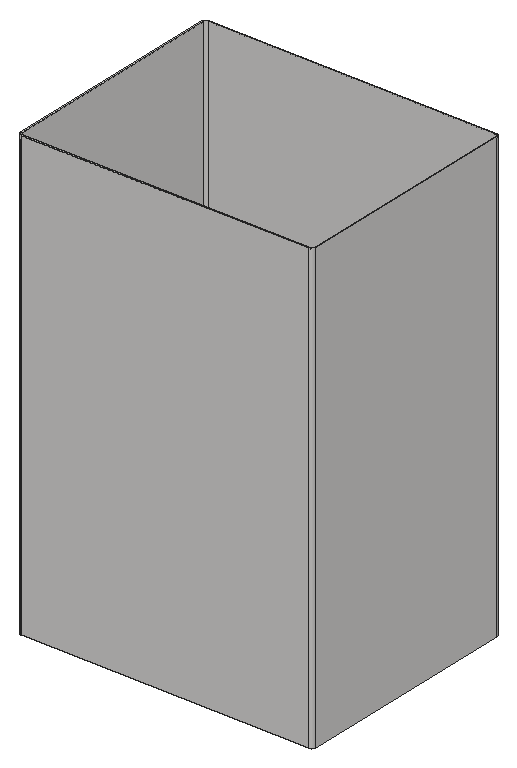
Revit family "xWaste_Receptacle-Bobrick-ClassicSeries-368-60", category Specialty Equipment, Revit 2014
Parameters (values of type "368-60")
  Width = 15 1/8"
  Warranty Information = "1 Year Limited Warranty"
  URL = "http://www.bobrick.com/"
  Specification = "Interchangeable 18 gallon waste receptacle module designed for changing traffic and usage needs. Waste receptacle is type-304 22-gauge stainless steel with satin finish. Front and side edges of bottom and all top edges are hemmed for safe handling. Secured to cabinet with a tumbler lock keyed like other Bobrick washroom accessories. Equipped with interior hooks for optional vinyl liner. Capacity: 18 Gallons. Dimensions: 15 1/8\" Wide x 23\" High x 12\" Deep, Extends 8\" from wall."
  Product Page URL = "http://www.bobrick.com/washroomaccessories/Pages/ProductDetails.aspx?Product+Number=368-60"
  Price = "Prices may vary. Please consult Manufacturer Representative for most up-to-date price list."  # constant formula
  Model = "368-60"
  Material = "Stainless Steel-Bobrick-Type 304-Satin"
  Manufacturer = "Bobrick Washroom Equipment, Inc."
  Length = 12"
  Installation Type = "Secured to cabinet."
  Height = 23"
  Description = "ClassicSeries® Interchangeable 18 Gallon Waste Receptacle Module"
  Default Elevation = 0"
  Creation Date = "06/20/2017"
  Assembly Code = "E20"
Reference planes (in)
  plane 1 "Center (Front/Back)": y = 0
  plane 2: z = 0
  plane 3 "Center (Left/Right)": x = 0
  plane 4: y = -12
  plane 5: x = -7.5625
  plane 6: x = 7.5625
  plane 7: z = 23
Forms (in)
  Extrusion 1, solid, material "Stainless Steel-Bobrick-Type 304-Satin"
    sketch origin (0, 0, 0) x (1, 0, 0) y (0, 1, 0)
      loop
        arc (-7.5625, -11.8125) -> (-7.50758, -11.94508) -> (-7.375, -12) r 0.1875
        line (-7.375, -12) -> (7.375, -12)
        arc (7.375, -12) -> (7.50758, -11.94508) -> (7.5625, -11.8125) r 0.1875
        line (7.5625, -11.8125) -> (7.5625, -0.1875)
        arc (7.5625, -0.1875) -> (7.50758, -0.05492) -> (7.375, 0) r 0.1875
        line (7.375, 0) -> (-7.375, 0)
        arc (-7.375, 0) -> (-7.50758, -0.05492) -> (-7.5625, -0.1875) r 0.1875
        line (-7.5625, -0.1875) -> (-7.5625, -11.8125)
      loop
        line (-7.53125, -0.1875) -> (-7.53125, -11.8125)
        arc (-7.53125, -11.8125) -> (-7.48549, -11.92299) -> (-7.375, -11.96875) r 0.15625
        line (-7.375, -11.96875) -> (7.375, -11.96875)
        arc (7.375, -11.96875) -> (7.48549, -11.92299) -> (7.53125, -11.8125) r 0.15625
        line (7.53125, -11.8125) -> (7.53125, -0.1875)
        arc (7.53125, -0.1875) -> (7.48549, -0.07701) -> (7.375, -0.03125) r 0.15625
        line (7.375, -0.03125) -> (-7.375, -0.03125)
        arc (-7.375, -0.03125) -> (-7.48549, -0.07701) -> (-7.53125, -0.1875) r 0.15625
    from 0 to 23
  Extrusion 2, solid, material "Stainless Steel-Bobrick-Type 304-Satin"
    sketch origin (0, 0, 0) x (1, 0, 0) y (0, 1, 0)
      loop
        arc (-7.5625, -11.8125) -> (-7.50758, -11.94508) -> (-7.375, -12) r 0.1875
        line (-7.375, -12) -> (7.375, -12)
        arc (7.375, -12) -> (7.50758, -11.94508) -> (7.5625, -11.8125) r 0.1875
        line (7.5625, -11.8125) -> (7.5625, -0.1875)
        arc (7.5625, -0.1875) -> (7.50758, -0.05492) -> (7.375, 0) r 0.1875
        line (7.375, 0) -> (-7.375, 0)
        arc (-7.375, 0) -> (-7.50758, -0.05492) -> (-7.5625, -0.1875) r 0.1875
        line (-7.5625, -0.1875) -> (-7.5625, -11.8125)
    from 0 to 0.032
Cuts and joins
  joined: Extrusion 1, Extrusion 2
Lines and regions (in)
  Masking region 1
    outline origin (0, 0, 0) x (1, 0, 0) y (0, 1, 0)
      loop
        arc (-7.5625, -11.8125) -> (-7.50758, -11.94508) -> (-7.375, -12) r 0.1875
        line (-7.375, -12) -> (7.375, -12)
        arc (7.375, -12) -> (7.50758, -11.94508) -> (7.5625, -11.8125) r 0.1875
        line (7.5625, -11.8125) -> (7.5625, -0.1875)
        arc (7.5625, -0.1875) -> (7.50758, -0.05492) -> (7.375, 0) r 0.1875
        line (7.375, 0) -> (-7.375, 0)
        arc (-7.375, 0) -> (-7.50758, -0.05492) -> (-7.5625, -0.1875) r 0.1875
        line (-7.5625, -0.1875) -> (-7.5625, -11.8125)
  symbolic lines, detail levels medium+fine
    curve 1: arc (-7.53125, -11.8125, 0) -> (-7.48549, -11.92299, 0) -> (-7.375, -11.96875, 0) r 0.15625
    curve 2: line (-7.375, -11.96875, 0) -> (7.375, -11.96875, 0)
    curve 3: line (-7.53125, -0.1875, 0) -> (-7.53125, -11.8125, 0)
    curve 4: arc (7.375, -11.96875, 0) -> (7.48549, -11.92299, 0) -> (7.53125, -11.8125, 0) r 0.15625
    curve 5: line (7.53125, -11.8125, 0) -> (7.53125, -0.1875, 0)
    curve 6: arc (7.53125, -0.1875, 0) -> (7.48549, -0.07701, 0) -> (7.375, -0.03125, 0) r 0.15625
    curve 7: line (7.375, -0.03125, 0) -> (-7.375, -0.03125, 0)
    curve 8: arc (-7.375, -0.03125, 0) -> (-7.48549, -0.07701, 0) -> (-7.53125, -0.1875, 0) r 0.15625
Dimensions and locks (in)
  "Length": plane 4 to plane 1 "Center (Front/Back)"
  "Width": plane 5 to plane 6
  "Height": plane 7 to level
Automatic sketch dimensions
  Extrusion 1 sketch curve to Extrusion 1 sketch curve = 0"  (x8)
  Extrusion 1 sketch curve to plane 5 = 0"
  plane 4 to Extrusion 1 sketch curve = 0"
  plane 1 "Center (Front/Back)" to Extrusion 1 sketch curve = 0"
  Extrusion 1 sketch curve to plane 6 = 0"
  Extrusion 1 sketch curve to Extrusion 1 sketch curve = 1/32"
  Extrusion 1 sketch curve to Extrusion 1 sketch curve = 5/32"  (x2)
  plane 5 to Extrusion 1 sketch curve = 3/16"
  Extrusion 1 sketch curve to plane 6 = 3/16"
  Extrusion 2 sketch curve to plane 5 = 0"
  plane 4 to Extrusion 2 sketch curve = 0"
  plane 1 "Center (Front/Back)" to Extrusion 2 sketch curve = 0"
  Extrusion 2 sketch curve to plane 6 = 0"
  Extrusion 2 sketch curve to plane 4 = 3/16"
  plane 5 to Extrusion 2 sketch curve = 3/16"
  Extrusion 2 sketch curve to plane 6 = 3/16"  (x2)
  Masking region 1 sketch curve to plane 5 = 0"
  plane 4 to Masking region 1 sketch curve = 0"
  plane 1 "Center (Front/Back)" to Masking region 1 sketch curve = 0"
  Masking region 1 sketch curve to plane 6 = 0"
  Masking region 1 sketch curve to plane 4 = 3/16"
  plane 5 to Masking region 1 sketch curve = 3/16"
  Masking region 1 sketch curve to plane 6 = 3/16"  (x2)
  plane 5 to curve 3 = 1/32"
  curve 2 to plane 4 = 1/32"
  plane 5 to curve 2 = 3/16"
  plane 1 "Center (Front/Back)" to curve 7 = 1/32"
  curve 7 to plane 6 = 3/16"
  curve 4 to plane 6 = 3/16"
  curve 5 to plane 6 = 1/32"
  curve 8 to curve 7 = 5/32"
